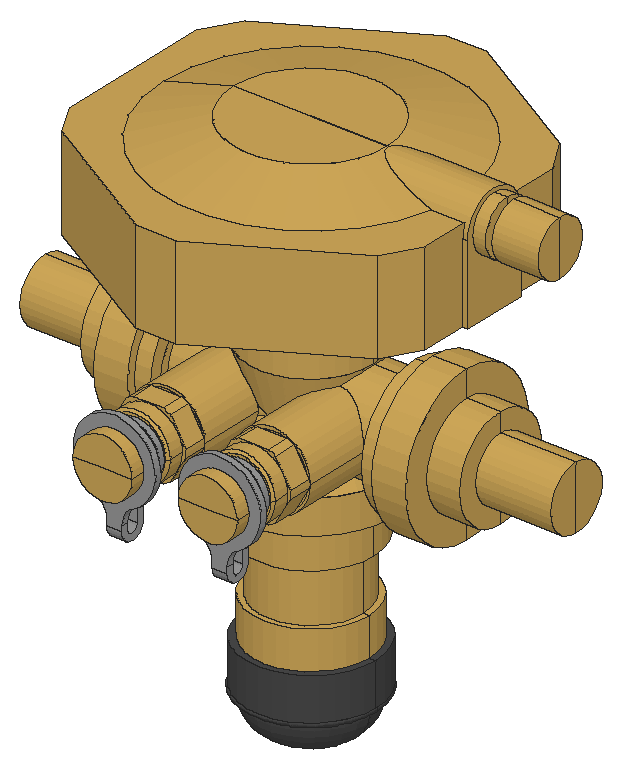
Revit family "Kombiventil 4001", category Rohrzubehör, Revit 2021
Family settings
  Bemaßung runder Anschluss = Durchmesser verwenden
  Teiletyp = Unterbricht
  OmniClass-Nummer = 23.65.55.14
  OmniClass-Titel = Valves for Liquid Services
  Arbeitsebenenbasiert = Nein
  Immer vertikal = Ja
  Beim Laden mit Abzugskörper schneiden = Nein
  Gemeinsam genutzt = Nein
Parameters
  Vorgabe-Ansicht = 0.000 mm
  Min. Betriebstemperatur (Frostschutz) = -20 °C  # constant formula
  Max. Betriebstemperatur bis DN32 = 130 °C  # constant formula
  Max. Betriebstemperatur ab DN40 = 110 °C  # constant formula
  Max. Betriebsdruck = 1600000.0 Pa  # constant formula
  kvs-Wert [instance] = if(Nennweite = 15.000 mm, 0.4, if(Nennweite = 20.000 mm, 0.9, if(Nennweite = 25.000 mm, 1.9, if(Nennweite = 32.000 mm, 2.5, if(Nennweite = 40.000 mm, 5, if(Nennweite = 50.000 mm, 5, 0))))))  # 0.4
  VRL04 = 8.000 mm  # constant formula
  VRL03 [instance] = L01 + 4.000 mm  # 12.000 mm
  VRL02 = 18.000 mm  # constant formula
  VRL01 [instance] = size_lookup("4001_", "VRL1", 30.000 mm, Nennweite)  # 30.000 mm
  URL = "www.herz-armaturen.at"
  SCRNSEQ = "ARM;ARM_TYP=\"DURR\";2"
  SCRNCODE = "05;04;02"  # constant formula
  S05 [instance] = VRL01  # 30.000 mm
  S04 [instance] = H08 + (S03 / 2)  # 45.750 mm
  S03 [instance] = H09 + 4.700 mm  # 26.500 mm
  S02 [instance] = VRD01 * 2  # 36.400 mm
  S01 = 10.000 mm  # constant formula
  R12 = 3.900 mm  # constant formula
  R11 = 6.500 mm  # constant formula
  R10 = 35.000 mm  # constant formula
  R09 = 18.250 mm  # constant formula
  R08 = 11.300 mm  # constant formula
  R07 [instance] = size_lookup("4001_", "R7", 17.300 mm, Nennweite)  # 17.300 mm
  R06 [instance] = size_lookup("4001_", "R6", 19.000 mm, Nennweite)  # 19.000 mm
  R05 = 15.000 mm  # constant formula
  R04 = 12.500 mm  # constant formula
  R02 [instance] = size_lookup("4001_", "R2", 15.000 mm, Nennweite)  # 15.000 mm
  R01 [instance] = size_lookup("4001_", "R1", 11.500 mm, Nennweite)  # 11.500 mm
  PN = 16  # constant formula
  Nennweite [instance] = 15.000 mm
  Min. Betriebstemperatur (reines Wasser) = 2 °C  # constant formula
  Membrane und O-Ringe = "EPDM"  # constant formula
  Medium = "Wasserbeschaffenheit nach ÖNORM H 5195 und VDI 2035\r\nDie Verwendung von Ethylen- und Propylenglykol ist im Mischungsverhältnis 25 - 50 Vol. [%] zulässig"
  L06 [instance] = L00 / 2  # 33.000 mm
  L05 = 11.000 mm  # constant formula
  L04 = 1.500 mm  # constant formula
  L03 = 3.200 mm  # constant formula
  L02 = 43.500 mm  # constant formula
  L01 [instance] = size_lookup("4001_", "L1", 8.000 mm, Nennweite)  # 8.000 mm
  L00 [instance] = size_lookup("4001_", "L", 66.000 mm, Nennweite)  # 66.000 mm
  Hersteller = "HERZ Armaturen Ges.m.b.H."  # constant formula
  H13 [instance] = H02 - H05 - H03 - H04 - 2.000 mm  # 17.700 mm
  H12 = 19.250 mm  # constant formula
  H11 [instance] = size_lookup("4001_", "H11", 59.000 mm, Nennweite)  # 59.000 mm
  H10 [instance] = H08 + H09  # 54.300 mm
  H09 = 21.800 mm  # constant formula
  H08 [instance] = H01 + H06 + H07  # 32.500 mm
  H07 = 4.000 mm  # constant formula
  H06 [instance] = size_lookup("4001_", "H6", 10.000 mm, Nennweite)  # 10.000 mm
  H05 = 9.000 mm  # constant formula
  H04 [instance] = size_lookup("4001_", "H4", 9.600 mm, Nennweite)  # 9.600 mm
  H03 [instance] = size_lookup("4001_", "H3", 13.000 mm, Nennweite)  # 13.000 mm
  H02 [instance] = size_lookup("4001_", "H2", 55.300 mm, Nennweite)  # 51.300 mm
  H01 [instance] = size_lookup("4001_", "H1", 18.500 mm, Nennweite)  # 18.500 mm
  Gehäuse = "entzinkunsbeständiges Messing"  # constant formula
  VRG03 [instance] = Nennweite / 2  # 7.500 mm
  G02 [instance] = size_lookup("4001_", "G2", 13.900 mm, Nennweite)  # 13.900 mm
  G01 [instance] = size_lookup("4001_", "G1", 13.200 mm, Nennweite)  # 13.200 mm
  DN50 [instance] = Nennweite = 50.000 mm  # no
  DN40 [instance] = Nennweite = 40.000 mm  # no
  DN32 [instance] = Nennweite = 32.000 mm  # no
  DN25 [instance] = Nennweite = 25.000 mm  # no
  DN20 [instance] = Nennweite = 20.000 mm  # no
  DN15 [instance] = Nennweite = 15.000 mm  # yes
  VRD03 [instance] = VRG03 + 4.500 mm  # 12.000 mm
  VRD02 [instance] = G01 + 3.000 mm  # 16.200 mm
  VRD01 [instance] = G01 + 5.000 mm  # 18.200 mm
  Bestellnummer Verschraubung [instance] = size_lookup("4001_", "Vrnr", 0, Nennweite)  # 1621011
  Bestellnummer [instance] = size_lookup("4001_", "Artnr", 0, Nennweite)  # 1400121
  Anwendungsgebiet = "Der Volumenstromregler wird in Heiz- und Kühlanlagen mit Umwälzpumpen eingesetzt. Der Regler begrenzt automatisch\r\nden Volumenstrom im nachstehendem Bereich auf den einmal eingestellten Wert indem alle Druckschwankungen\r\ngemessen und ausgeregelt werden. Somit sind keine Messungen erforderlich, und die Regelung ist bei\r\nallen Betriebsbedingungen effektiv. Der Volumenstromregler regelt den Volumenstrom gemäß der Voreinstellung\r\nauf einen konstanten Wert; die Membrane regelt aufgrund des Druckes unmittelbar nach dem Regeleinsatz (über\r\neine interne Steuerleitung), sowie des Druckes davor. Die Voreinstellung bezieht sich direkt auf den Volumenstrom;\r\nentsprechend kann die Maximal-Durchflußmenge bei der Montage direkt nach Diagramm eingestellt werden. Somit\r\nsind z.B. Heizungsstränge, Kühlwasserkreisläufe, Deckenstrahlplatten, Kühldecken und Lufterhitzer ohne Rücksicht\r\nauf die Druckverteilung in der Anlage ohne weiteres abgleichbar."
Reference planes
  plane 1 "Mitte (Vorne/hinten)": y = 0
  plane 2: z = 0
  plane 3 "Mitte (Links/rechts)": x = 0
Forms (mm)
  Revolve 1, solid, material "Messing, weicher Gelbton, geschweißt", detail levels fine
    sketch origin (0, 0, 0) x (1, 0, 0) y (0, 0, 1)
      loop
        line (-33, 0) -> (33, 0) -> (33, 13.2) -> (25, 13.2) -> (25, 11.5) -> (-25, 11.5) -> (-25, 13.2) -> (-33, 13.2) -> (-33, 0)
      axis (-33, 0) -> (33, 0)
    angle from 0 to 360
  Revolve 2, solid, material "Messing, weicher Gelbton, geschweißt", detail levels fine
    sketch origin (0, 0, 0) x (1, 0, 0) y (0, 0, 1)
      loop
        line (0, -51.3) -> (0, 18.5) -> (-15, 18.5) -> (-15, 11.5) -> (-11.5, 0) -> (-19, -11.5) -> (-19, -19.7) -> (-15, -19.7) -> (-15, -29.3) -> (-12.5, -29.3) -> (-12.5, -42.3) -> (-13.9, -42.3) -> (-13.9, -51.3) -> (0, -51.3)
      axis (0, 18.5) -> (0, -51.3)
    angle from 0 to 360
  Revolve 3, solid, material "Messing, weicher Gelbton, geschweißt", detail levels fine
    sketch origin (0, 0, 0) x (1, 0, 0) y (0, 0, 1)
      loop
        line (0, 18.5) -> (0, 32.5) -> (-11.3, 32.5) -> (-11.3, 28.5) -> (-17.3, 28.5) -> (-17.3, 18.5) -> (0, 18.5)
      axis (0, 32.5) -> (0, 18.5)
    angle from 0 to 360
  Extrusion 4, solid, material "Messing, weicher Gelbton, geschweißt", detail levels fine
    sketch origin (0, 0, 0) x (0, -1, 0) y (1, 0, 0)
      loop
        line (-46, -4.75) -> (-27.114, -37.462) -> (-18.886, -42.212) -> (18.886, -42.212) -> (27.114, -37.462) -> (46, -4.75) -> (46, 4.75) -> (27.114, 37.462) -> (18.886, 42.212) -> (-18.886, 42.212) -> (-27.114, 37.462) -> (-46, 4.75) -> (-46, -4.75)
    from 32.5 to 54.3
  Revolve 5, solid, material "Messing, weicher Gelbton, geschweißt", detail levels fine
    sketch origin (0, 0, 0) x (1, 0, 0) y (0, 0, 1)
      loop
        line (0, 54.3) -> (0, 59) -> (-18.25, 59) -> (-35, 54.3) -> (0, 54.3)
      axis (0, 59) -> (0, 54.3)
    angle from 0 to 360
  Extrusion 6, solid, material "Messing, weicher Gelbton, geschweißt", detail levels fine
    sketch origin (0, 0, 0) x (0, 1, 0) y (0, 0, 1)
      loop
        arc (7.85, 51.15) -> (0, 59) -> (-7.85, 51.15) r 7.85
        line (-7.85, 51.15) -> (-7.85, 32.5) -> (7.85, 32.5) -> (7.85, 51.15)
    from 0 to 43.5
  Revolve 7, solid, material "Messing, weicher Gelbton, geschweißt", detail levels fine
    sketch origin (0, 0, 0) x (1, 0, 0) y (0, 0, 1)
      loop
        line (43.5, 51.75) -> (59.2, 51.75) -> (59.2, 58.25) -> (48.2, 58.25) -> (48.2, 55.65) -> (46.7, 55.65) -> (46.7, 58.25) -> (43.5, 58.25) -> (43.5, 51.75)
      axis (43.5, 51.75) -> (59.2, 51.75)
    angle from 0 to 360
  Revolve 8, solid, material "Messing, weicher Gelbton, geschweißt", visible <- "DN15", detail levels fine
    sketch origin (0, 0, 0) x (1, 0, 0) y (0, 1, 0)
      loop
        line (12.5, 0) -> (12.5, -27) -> (21.6, -27) -> (21.6, 0) -> (12.5, 0)
      axis (12.5, 0) -> (12.5, -27)
    angle from 0 to 360
  Revolve 9, solid, material "Messing, weicher Gelbton, geschweißt", visible <- "DN20", detail levels fine
    sketch origin (-2, 0, 0) x (1, 0, 0) y (0, 1, 0)
      loop
        line (-12.5, 27) -> (-20.2, 27) -> (-20.2, 0) -> (-21.5, 0) -> (-21.5, -29) -> (-12.5, -29) -> (-12.5, 27)
      axis (-12.5, 27) -> (-12.5, -29)
    angle from 0 to 360
  Revolve 10, solid, material "Messing, weicher Gelbton, geschweißt", visible <- "DN20", detail levels fine
    sketch origin (2, 0, 0) x (1, 0, 0) y (0, 1, 0)
      loop
        line (12.5, 0) -> (12.5, -29) -> (21.6, -29) -> (21.6, 0) -> (12.5, 0)
      axis (12.5, 0) -> (12.5, -29)
    angle from 0 to 360
  Revolve 11, solid, material "Messing, weicher Gelbton, geschweißt", visible <- "DN20", detail levels fine
    sketch origin (-14.5, 3, 0) x (0, 1, 0) y (0, 0, 1)
      loop
        line (24, 0) -> (39.7, 0) -> (39.7, 6.5) -> (28.7, 6.5) -> (28.7, 3.9) -> (27.2, 3.9) -> (27.2, 6.5) -> (24, 6.5) -> (24, 0)
      axis (24, 0) -> (39.7, 0)
    angle from 0 to 360
  Revolve 12, solid, material "Messing, weicher Gelbton, geschweißt", visible <- "DN25", detail levels fine
    sketch origin (-2.1, 0, 0) x (1, 0, 0) y (0, 1, 0)
      loop
        line (-12.5, 27) -> (-20.2, 27) -> (-20.2, 0) -> (-21.5, 0) -> (-21.5, -29) -> (-12.5, -29) -> (-12.5, 27)
      axis (-12.5, 27) -> (-12.5, -29)
    angle from 0 to 360
  Revolve 13, solid, material "Messing, weicher Gelbton, geschweißt", visible <- "DN25", detail levels fine
    sketch origin (-14.6, 3, 0) x (0, 1, 0) y (0, 0, 1)
      loop
        line (24, 0) -> (39.7, 0) -> (39.7, 6.5) -> (28.7, 6.5) -> (28.7, 3.9) -> (27.2, 3.9) -> (27.2, 6.5) -> (24, 6.5) -> (24, 0)
      axis (24, 0) -> (39.7, 0)
    angle from 0 to 360
  Revolve 14, solid, material "Messing, weicher Gelbton, geschweißt", visible <- "DN25", detail levels fine
    sketch origin (2.1, 0, 0) x (1, 0, 0) y (0, 1, 0)
      loop
        line (12.5, 0) -> (12.5, -29) -> (21.6, -29) -> (21.6, 0) -> (12.5, 0)
      axis (12.5, 0) -> (12.5, -29)
    angle from 0 to 360
  Revolve 15, solid, material "Messing, weicher Gelbton, geschweißt", visible <- "DN32", detail levels fine
    sketch origin (0, 0, 0.637) x (1, 0, 0) y (0, 0, 1)
      loop
        line (-31.5, -0.637) -> (-40.5, -0.637) -> (-40.5, -43.437) -> (-31.5, -43.437) -> (-31.5, -0.637)
      axis (-31.5, -43.437) -> (-31.5, -0.637)
    angle from 0 to 360
  Revolve 16, solid, material "Messing, weicher Gelbton, geschweißt", visible <- "DN32", detail levels fine
    sketch origin (0, 0, 0.637) x (-1, 0, 0) y (0, 0, 1)
      loop
        line (-31.5, -0.637) -> (-40.5, -0.637) -> (-40.5, -43.437) -> (-31.5, -43.437) -> (-31.5, -0.637)
      axis (-31.5, -43.437) -> (-31.5, -0.637)
    angle from 0 to 360
  Revolve 17, solid, material "Messing, weicher Gelbton, geschweißt", visible <- "DN40", detail levels fine
    sketch origin (0, 0, 0) x (1, 0, 0) y (0, 0, 1)
      loop
        line (-37, 0) -> (-46, 0) -> (-46, -54.2) -> (-37, -54.2) -> (-37, 0)
      axis (-37, 0) -> (-37, -54.2)
    angle from 0 to 360
  Revolve 18, solid, material "Messing, weicher Gelbton, geschweißt", visible <- "DN40", detail levels fine
    sketch origin (0, 0, 0) x (-1, 0, 0) y (0, 0, 1)
      loop
        line (-37, 0) -> (-46, 0) -> (-46, -54.2) -> (-37, -54.2) -> (-37, 0)
      axis (-37, 0) -> (-37, -54.2)
    angle from 0 to 360
  Revolve 19, solid, material "Messing, weicher Gelbton, geschweißt", visible <- "DN50", detail levels fine
    sketch origin (-0.1, 0, 0) x (1, 0, 0) y (0, 0, 1)
      loop
        line (-37, 0) -> (-46, 0) -> (-46, -54.2) -> (-37, -54.2) -> (-37, 0)
      axis (-37, 0) -> (-37, -54.2)
    angle from 0 to 360
  Revolve 20, solid, material "Messing, weicher Gelbton, geschweißt", visible <- "DN50", detail levels fine
    sketch origin (0.1, 0, 0) x (-1, 0, 0) y (0, 0, 1)
      loop
        line (-37, 0) -> (-46, 0) -> (-46, -54.2) -> (-37, -54.2) -> (-37, 0)
      axis (-37, 0) -> (-37, -54.2)
    angle from 0 to 360
  Revolve 21, solid, material "Messing, weicher Gelbton, geschweißt", detail levels fine
    sketch origin (-97.028, 0, 0) x (1, 0, 0) y (0, 0, 1)
      loop
        line (130.028, 0) -> (160.028, 0) -> (160.028, 7.5) -> (142.028, 7.5) -> (142.028, 12) -> (134.028, 12) -> (134.028, 18.2) -> (126.028, 18.2) -> (126.028, 16.2) -> (122.028, 16.2) -> (122.028, 13.2) -> (130.028, 13.2) -> (130.028, 0)
      axis (122.028, 0) -> (160.028, 0)
    angle from 0 to 360
  Revolve 22, solid, material "Messing, weicher Gelbton, geschweißt", detail levels fine
    sketch origin (97.028, 0, 0) x (-1, 0, 0) y (0, 0, 1)
      loop
        line (130.028, 0) -> (160.028, 0) -> (160.028, 7.5) -> (142.028, 7.5) -> (142.028, 12) -> (134.028, 12) -> (134.028, 18.2) -> (126.028, 18.2) -> (126.028, 16.2) -> (122.028, 16.2) -> (122.028, 13.2) -> (130.028, 13.2) -> (130.028, 0)
      axis (122.028, 0) -> (160.028, 0)
    angle from 0 to 360
  Revolve 23, solid, material "Messing, weicher Gelbton, geschweißt", visible <- "DN15", detail levels fine
    sketch origin (-25, 0, 0) x (-1, 0, 0) y (0, -1, 0)
      loop
        line (-12.5, -24) -> (-12.5, 27) -> (-21.5, 27) -> (-21.5, 0) -> (-20.2, 0) -> (-20.2, -24) -> (-12.5, -24)
      axis (-12.5, -24) -> (-12.5, 27)
    angle from 0 to 360
  Revolve 24, solid, material "Messing, weicher Gelbton, geschweißt", visible <- "DN15", detail levels fine
    sketch origin (-12.5, 0, 0) x (0, -1, 0) y (0, 0, 1)
      loop
        line (-24, 0) -> (-24, 6.5) -> (-27.2, 6.5) -> (-27.2, 3.9) -> (-28.7, 3.9) -> (-28.7, 6.5) -> (-39.7, 6.5) -> (-39.7, 0) -> (-24, 0)
      axis (-24, 0) -> (-39.7, 0)
    angle from 0 to 360
  Revolve 25, solid, material "Messing, weicher Gelbton, geschweißt", visible <- "DN32", detail levels fine
    sketch origin (-9.5, 0, 0) x (1, 0, 0) y (0, 1, 0)
      loop
        line (-12.5, -31) -> (-12.5, 0) -> (-20.2, 0) -> (-20.2, -31) -> (-12.5, -31)
      axis (-12.5, 0) -> (-12.5, -31)
    angle from 0 to 360
  Revolve 26, solid, material "Messing, weicher Gelbton, geschweißt", visible <- "DN32", detail levels fine
    sketch origin (-22, -7, 0) x (0, -1, 0) y (0, 0, -1)
      loop
        line (24, 0) -> (24, -6.5) -> (27.2, -6.5) -> (27.2, -3.9) -> (28.7, -3.9) -> (28.7, -6.5) -> (39.7, -6.5) -> (39.7, 0) -> (24, 0)
      axis (24, 0) -> (39.7, 0)
    angle from 0 to 360
  Revolve 27, solid, material "Messing, weicher Gelbton, geschweißt", visible <- "DN40", detail levels fine
    sketch origin (-17.5, 0, 0) x (1, 0, 0) y (0, 1, 0)
      loop
        line (-12.5, -39.5) -> (-12.5, 0) -> (-20.2, 0) -> (-20.2, -39.5) -> (-12.5, -39.5)
      axis (-12.5, 0) -> (-12.5, -39.5)
    angle from 0 to 360
  Revolve 28, solid, material "Messing, weicher Gelbton, geschweißt", visible <- "DN40", detail levels fine
    sketch origin (-30, -15.5, 0) x (0, -1, 0) y (0, 0, -1)
      loop
        line (24, 0) -> (24, -6.5) -> (27.2, -6.5) -> (27.2, -3.9) -> (28.7, -3.9) -> (28.7, -6.5) -> (39.7, -6.5) -> (39.7, 0) -> (24, 0)
      axis (24, 0) -> (39.7, 0)
    angle from 0 to 360
  Revolve 29, solid, material "Messing, weicher Gelbton, geschweißt", visible <- "DN50", detail levels fine
    sketch origin (-17.6, 0, 0) x (1, 0, 0) y (0, 1, 0)
      loop
        line (-12.5, -39.5) -> (-12.5, 0) -> (-20.2, 0) -> (-20.2, -39.5) -> (-12.5, -39.5)
      axis (-12.5, 0) -> (-12.5, -39.5)
    angle from 0 to 360
  Revolve 30, solid, material "Messing, weicher Gelbton, geschweißt", visible <- "DN50", detail levels fine
    sketch origin (-30.1, -15.5, 0) x (0, -1, 0) y (0, 0, -1)
      loop
        line (24, 0) -> (24, -6.5) -> (27.2, -6.5) -> (27.2, -3.9) -> (28.7, -3.9) -> (28.7, -6.5) -> (39.7, -6.5) -> (39.7, 0) -> (24, 0)
      axis (24, 0) -> (39.7, 0)
    angle from 0 to 360
Lines and regions (mm)
  model lines, detail levels coarse+medium
    curve 1: line (33, -18.2, 0) -> (33, 18.2, 0)
    curve 2: line (33, 18.2, 0) -> (-33, -18.2, 0)
    curve 3: line (-33, -18.2, 0) -> (-33, 18.2, 0)
    curve 4: line (-33, 18.2, 0) -> (33, -18.2, 0)
    curve 5: line (0, -18.5, 0) -> (0, -32.5, 0)
    curve 6: spline (-43.5, -45.75, 0) -> (-42.018, -42.321, 0) -> (-37.672, -39.125, 0) -> (-30.759, -36.381, 0) -> (-21.75, -34.275, 0) -> (-11.259, -32.951, 0) -> (0, -32.5, 0) -> (11.259, -32.951, 0) -> (21.75, -34.275, 0) -> (30.759, -36.381, 0) -> (37.672, -39.125, 0) -> (42.018, -42.321, 0) -> (43.5, -45.75, 0) -> (42.018, -49.179, 0) -> (37.672, -52.375, 0) -> (30.759, -55.119, 0) -> (21.75, -57.225, 0) -> (11.259, -58.549, 0) -> (0, -59, 0) -> (-11.259, -58.549, 0) -> (-21.75, -57.225, 0) -> (-30.759, -55.119, 0) -> (-37.672, -52.375, 0) -> (-42.018, -49.179, 0) -> (-43.5, -45.75, 0)
    curve 7: line (-33, 0, 18.2) -> (-33, 0, -18.2)
    curve 8: line (-33, 0, -18.2) -> (33, 0, 18.2)
    curve 9: line (33, 0, 18.2) -> (33, 0, -18.2)
    curve 10: line (33, 0, -18.2) -> (-33, 0, 18.2)
    curve 11: line (0, 0, 18.5) -> (0, 0, 32.5)
    curve 12: spline (-43.5, 0, 45.75) -> (-42.018, 0, 49.179) -> (-37.672, 0, 52.375) -> (-30.759, 0, 55.119) -> (-21.75, 0, 57.225) -> (-11.259, 0, 58.549) -> (0, 0, 59) -> (11.259, 0, 58.549) -> (21.75, 0, 57.225) -> (30.759, 0, 55.119) -> (37.672, 0, 52.375) -> (42.018, 0, 49.179) -> (43.5, 0, 45.75) -> (42.018, 0, 42.321) -> (37.672, 0, 39.125) -> (30.759, 0, 36.381) -> (21.75, 0, 34.275) -> (11.259, 0, 32.951) -> (0, 0, 32.5) -> (-11.259, 0, 32.951) -> (-21.75, 0, 34.275) -> (-30.759, 0, 36.381) -> (-37.672, 0, 39.125) -> (-42.018, 0, 42.321) -> (-43.5, 0, 45.75)
    curve 13: line (0, 0, 18.5) -> (16.5, 0, 9.1)
    curve 14: line (0, 0, 18.5) -> (-16.5, 0, 9.1)
    curve 15: line (33, 0, 18.2) -> (43, 0, 18.2)
    curve 16: line (43, 0, 18.2) -> (33, 0, 0)
    curve 17: line (33, 0, -18.2) -> (43, 0, -18.2)
    curve 18: line (43, 0, -18.2) -> (33, 0, 0)
    curve 19: line (33, 0, 0) -> (63, 0, 0)
    curve 20: line (-33, 0, 18.2) -> (-43, 0, 18.2)
    curve 21: line (-43, 0, 18.2) -> (-33, 0, 0)
    curve 22: line (-33, 0, -18.2) -> (-43, 0, -18.2)
    curve 23: line (-43, 0, -18.2) -> (-33, 0, 0)
    curve 24: line (-33, 0, 0) -> (-63, 0, 0)
    curve 25: line (0, -18.5, 0) -> (-16.5, -9.1, 0)
    curve 26: line (0, -18.5, 0) -> (16.5, -9.1, 0)
    curve 27: line (33, 18.2, 0) -> (43, 18.2, 0)
    curve 28: line (43, 18.2, 0) -> (33, 0, 0)
    curve 29: line (33, -18.2, 0) -> (43, -18.2, 0)
    curve 30: line (43, -18.2, 0) -> (33, 0, 0)
    curve 31: line (-33, 18.2, 0) -> (-43, 18.2, 0)
    curve 32: line (-43, 18.2, 0) -> (-33, 0, 0)
    curve 33: line (-33, -18.2, 0) -> (-43, -18.2, 0)
    curve 34: line (-43, -18.2, 0) -> (-33, 0, 0)
Dimensions and locks
  equal spacing: Revolve 1 sketch curve, plane 3 "Mitte (Links/rechts)", Revolve 1 sketch curve
  "L00": Revolve 1 sketch curve to Revolve 1 sketch curve
  "G01": Revolve 1 sketch curve to Revolve 1 sketch curve  (x2)
  "R01": Revolve 1 sketch curve to Revolve 1 sketch curve
  "L01": Revolve 1 sketch curve to Revolve 1 sketch curve  (x2)
  "H01": Revolve 2 sketch curve to plane 2
  "R01": Revolve 2 sketch curve to plane 2
  "R02": Revolve 2 sketch curve to Revolve 2 sketch curve
  "R01": Revolve 2 sketch curve to Revolve 2 sketch curve
  "H02": plane 2 to Revolve 2 sketch curve
  "G02": plane 3 "Mitte (Links/rechts)" to Revolve 2 sketch curve
  "H05": Revolve 2 sketch curve to Revolve 2 sketch curve
  "R04": Revolve 2 sketch curve to Revolve 2 sketch curve
  "R05": Revolve 2 sketch curve to Revolve 2 sketch curve
  "R06": Revolve 2 sketch curve to Revolve 2 sketch curve
  "R01": plane 2 to Revolve 2 sketch curve
  "H03": Revolve 2 sketch curve to Revolve 2 sketch curve
  "H04": Revolve 2 sketch curve to Revolve 2 sketch curve
  "H01": Revolve 3 sketch curve to plane 2
  "H06": Revolve 3 sketch curve to Revolve 3 sketch curve
  "R07": Revolve 3 sketch curve to Revolve 3 sketch curve
  "H07": Revolve 3 sketch curve to Revolve 3 sketch curve
  "R08": Revolve 3 sketch curve to Revolve 3 sketch curve
  "H08": Extrusion 4 to plane 2
  "H09": Extrusion 4 to Extrusion 4
  "H10": Revolve 5 sketch curve to plane 2
  "H11": Revolve 5 sketch curve to plane 2
  "R09": Revolve 5 sketch curve to Revolve 5 sketch curve
  "R10": Revolve 5 sketch curve to Revolve 5 sketch curve
  "L02": Extrusion 6 to plane 3 "Mitte (Links/rechts)"
  "H08": Extrusion 6 to plane 2
  "H12": Revolve 7 sketch curve to Extrusion 4
  "R11": Revolve 7 sketch curve to Revolve 7 sketch curve  (x2)
  "L03": Revolve 7 sketch curve to Revolve 7 sketch curve
  "L04": Revolve 7 sketch curve to Revolve 7 sketch curve
  "L05": Revolve 7 sketch curve to Revolve 7 sketch curve
  "R12": Revolve 7 sketch curve to Revolve 7 sketch curve
  "R06": plane 1 "Mitte (Vorne/hinten)" to nested 1
  Revolve 9 sketch curve to plane 1 "Mitte (Vorne/hinten)" = 29.000 mm
  plane 1 "Mitte (Vorne/hinten)" to Revolve 9 sketch curve = 27.000 mm
  Revolve 10 sketch curve to plane 1 "Mitte (Vorne/hinten)" = 29.000 mm
  "R11": Revolve 11 sketch curve to Revolve 11 sketch curve  (x2)
  "L03": Revolve 11 sketch curve to Revolve 11 sketch curve
  "L04": Revolve 11 sketch curve to Revolve 11 sketch curve
  "L05": Revolve 11 sketch curve to Revolve 11 sketch curve
  "R12": Revolve 11 sketch curve to Revolve 11 sketch curve
  "H13": plane 2 to nested 1
  "R11": Revolve 13 sketch curve to Revolve 13 sketch curve  (x2)
  "L03": Revolve 13 sketch curve to Revolve 13 sketch curve
  "L04": Revolve 13 sketch curve to Revolve 13 sketch curve
  "L05": Revolve 13 sketch curve to Revolve 13 sketch curve
  "R12": Revolve 13 sketch curve to Revolve 13 sketch curve
  plane 3 "Mitte (Links/rechts)" to Revolve 15 sketch curve = 31.500 mm
  Revolve 15 sketch curve to Revolve 15 sketch curve = 9.000 mm
  plane 2 to Revolve 15 sketch curve = 42.800 mm
  Revolve 16 sketch curve to Revolve 16 sketch curve = 9.000 mm
  "VRL01": Revolve 21 sketch curve to Revolve 21 sketch curve
  "L01": Revolve 21 sketch curve to Revolve 21 sketch curve
  "G01": Revolve 21 sketch curve to plane 2
  "VRD02": Revolve 21 sketch curve to plane 2
  "VRD01": Revolve 21 sketch curve to plane 2
  "VRG03": Revolve 21 sketch curve to Revolve 21 sketch curve
  "VRL02": Revolve 21 sketch curve to Revolve 21 sketch curve
  "VRD03": Revolve 21 sketch curve to Revolve 21 sketch curve
  "VRL03": Revolve 21 sketch curve to Revolve 21 sketch curve
  "VRL04": Revolve 21 sketch curve to Revolve 21 sketch curve
  "L06": plane 3 "Mitte (Links/rechts)" to Revolve 21 sketch curve
  "VRL01": Revolve 22 sketch curve to Revolve 22 sketch curve
  "L01": Revolve 22 sketch curve to Revolve 22 sketch curve
  "VRG03": Revolve 22 sketch curve to Revolve 22 sketch curve
  "VRL02": Revolve 22 sketch curve to Revolve 22 sketch curve
  "VRD03": Revolve 22 sketch curve to Revolve 22 sketch curve
  "VRL03": Revolve 22 sketch curve to Revolve 22 sketch curve
  "VRL04": Revolve 22 sketch curve to Revolve 22 sketch curve
  "L06": Revolve 22 sketch curve to plane 3 "Mitte (Links/rechts)"
  "H02": plane 2 to nested 2
  equal spacing: curve 3, plane 3 "Mitte (Links/rechts)", curve 1
  "L00": curve 3 to curve 1
  "S02": curve 4 to curve 3
  equal spacing: curve 3, plane 1 "Mitte (Vorne/hinten)", curve 4
  "VRD01": Revolve 22 sketch curve to plane 2
  "VRD02": Revolve 22 sketch curve to plane 2
  equal spacing: curve 4, plane 1 "Mitte (Vorne/hinten)", curve 2
  "S02": curve 2 to curve 4
  "S03": curve 6 to curve 6
  "L02": curve 6 to plane 3 "Mitte (Links/rechts)"
  "L02": plane 3 "Mitte (Links/rechts)" to curve 6
  "S04": curve 6 to plane 1 "Mitte (Vorne/hinten)"
  "H08": curve 5 to plane 1 "Mitte (Vorne/hinten)"
  "S02": curve 10 to curve 8
  equal spacing: curve 10, plane 2, curve 8
  "S02": curve 9 to curve 10
  equal spacing: curve 9, plane 2, curve 10
  "L00": curve 7 to curve 9
  equal spacing: curve 7, plane 3 "Mitte (Links/rechts)", curve 9
  "H08": curve 11 to plane 2
  "S03": curve 12 to curve 12
  "L02": curve 12 to plane 3 "Mitte (Links/rechts)"
  "L02": plane 3 "Mitte (Links/rechts)" to curve 12
  "S04": curve 12 to plane 2
  equal spacing: plane 3 "Mitte (Links/rechts)", curve 14, curve 7
  equal spacing: curve 9, curve 13, plane 3 "Mitte (Links/rechts)"
  "H01": curve 14 to plane 2
  "S01": curve 9 to curve 16
  "S01": curve 9 to curve 18
  "S05": curve 19 to curve 19
  "S05": curve 24 to curve 24
  "S01": curve 21 to curve 7
  "S01": curve 23 to curve 7
  equal spacing: curve 3, curve 25, plane 3 "Mitte (Links/rechts)"
  equal spacing: plane 3 "Mitte (Links/rechts)", curve 26, curve 1
  "H01": curve 26 to plane 1 "Mitte (Vorne/hinten)"
  "S01": curve 1 to curve 28
  "S01": curve 1 to curve 30
  "S01": curve 32 to curve 3
  "S01": curve 34 to curve 3
  "R11": Revolve 24 sketch curve to Revolve 24 sketch curve  (x2)
  "L03": Revolve 24 sketch curve to Revolve 24 sketch curve
  "L04": Revolve 24 sketch curve to Revolve 24 sketch curve
  "L05": Revolve 24 sketch curve to Revolve 24 sketch curve
  "R12": Revolve 24 sketch curve to Revolve 24 sketch curve
  "R11": Revolve 26 sketch curve to Revolve 26 sketch curve  (x2)
  "L03": Revolve 26 sketch curve to Revolve 26 sketch curve
  "L04": Revolve 26 sketch curve to Revolve 26 sketch curve
  "L05": Revolve 26 sketch curve to Revolve 26 sketch curve
  "R12": Revolve 26 sketch curve to Revolve 26 sketch curve
  Revolve 25 sketch curve to Revolve 25 sketch curve = 31.000 mm
  "R11": Revolve 28 sketch curve to Revolve 28 sketch curve  (x2)
  "L03": Revolve 28 sketch curve to Revolve 28 sketch curve
  "L04": Revolve 28 sketch curve to Revolve 28 sketch curve
  "L05": Revolve 28 sketch curve to Revolve 28 sketch curve
  "R12": Revolve 28 sketch curve to Revolve 28 sketch curve
  Revolve 27 sketch curve to Revolve 27 sketch curve = 39.500 mm
  "R11": Revolve 30 sketch curve to Revolve 30 sketch curve  (x2)
  "L03": Revolve 30 sketch curve to Revolve 30 sketch curve
  "L04": Revolve 30 sketch curve to Revolve 30 sketch curve
  "L05": Revolve 30 sketch curve to Revolve 30 sketch curve
  "R12": Revolve 30 sketch curve to Revolve 30 sketch curve
  Revolve 29 sketch curve to Revolve 29 sketch curve = 39.500 mm
  aligned and locked: level to plane 2
Automatic sketch dimensions
  plane 3 "Mitte (Links/rechts)" to Extrusion 4 sketch curve = 4.750 mm  (x2)
  Extrusion 4 sketch curve to plane 1 "Mitte (Vorne/hinten)" = 46.000 mm
  Extrusion 4 sketch curve to plane 1 "Mitte (Vorne/hinten)" = 27.114 mm  (x2)
  Extrusion 4 sketch curve to Extrusion 4 sketch curve = 8.227 mm  (x4)
  plane 1 "Mitte (Vorne/hinten)" to Extrusion 4 sketch curve = 18.886 mm  (x2)
  Extrusion 4 sketch curve to Extrusion 4 sketch curve = 18.886 mm
  Extrusion 4 sketch curve to plane 3 "Mitte (Links/rechts)" = 4.750 mm  (x2)
  Extrusion 4 sketch curve to plane 3 "Mitte (Links/rechts)" = 37.462 mm  (x2)
  Extrusion 4 sketch curve to Extrusion 4 sketch curve = 4.750 mm  (x2)
  plane 3 "Mitte (Links/rechts)" to Extrusion 4 sketch curve = 37.462 mm  (x2)
  Extrusion 6 sketch curve to plane 1 "Mitte (Vorne/hinten)" = 0.000 mm
  plane 1 "Mitte (Vorne/hinten)" to Extrusion 6 sketch curve = 7.850 mm
  level to Extrusion 6 sketch curve = 32.500 mm
  Extrusion 6 sketch curve to Extrusion 6 sketch curve = 18.650 mm
  Extrusion 6 sketch curve to Extrusion 6 sketch curve = 0.000 mm
  plane 1 "Mitte (Vorne/hinten)" to Revolve 8 sketch curve = 0.000 mm  (x2)
  plane 3 "Mitte (Links/rechts)" to Revolve 8 sketch curve = 12.500 mm
  Revolve 8 sketch curve to Revolve 8 sketch curve = 9.100 mm
  plane 1 "Mitte (Vorne/hinten)" to Revolve 8 sketch curve = 27.000 mm
  Revolve 8 sketch curve to Revolve 8 sketch curve = 0.000 mm  (x2)
  plane 1 "Mitte (Vorne/hinten)" to Revolve 9 sketch curve = 0.000 mm
  Revolve 9 sketch curve to plane 3 "Mitte (Links/rechts)" = 23.500 mm
  Revolve 9 sketch curve to plane 3 "Mitte (Links/rechts)" = 22.200 mm
  Revolve 9 sketch curve to Revolve 9 sketch curve = 7.700 mm
  Revolve 9 sketch curve to Revolve 9 sketch curve = 0.000 mm
  Revolve 9 sketch curve to Revolve 9 sketch curve = 2.000 mm
  Revolve 9 sketch curve to Revolve 9 sketch curve = 3.000 mm
  plane 1 "Mitte (Vorne/hinten)" to Revolve 10 sketch curve = 0.000 mm  (x2)
  plane 3 "Mitte (Links/rechts)" to Revolve 10 sketch curve = 14.500 mm
  Revolve 10 sketch curve to Revolve 10 sketch curve = 9.100 mm
  Revolve 10 sketch curve to Revolve 10 sketch curve = 0.000 mm
  Revolve 10 sketch curve to Revolve 10 sketch curve = 2.000 mm
  plane 1 "Mitte (Vorne/hinten)" to Revolve 12 sketch curve = 0.000 mm
  Revolve 12 sketch curve to plane 3 "Mitte (Links/rechts)" = 23.600 mm
  Revolve 12 sketch curve to plane 3 "Mitte (Links/rechts)" = 22.300 mm
  Revolve 12 sketch curve to Revolve 12 sketch curve = 7.700 mm
  plane 1 "Mitte (Vorne/hinten)" to Revolve 12 sketch curve = 29.000 mm
  Revolve 12 sketch curve to Revolve 12 sketch curve = 27.000 mm
  Revolve 12 sketch curve to Revolve 12 sketch curve = 0.000 mm
  Revolve 12 sketch curve to Revolve 12 sketch curve = 2.000 mm
  Revolve 12 sketch curve to Revolve 12 sketch curve = 3.000 mm
  plane 1 "Mitte (Vorne/hinten)" to Revolve 14 sketch curve = 0.000 mm  (x2)
  plane 3 "Mitte (Links/rechts)" to Revolve 14 sketch curve = 14.600 mm
  Revolve 14 sketch curve to Revolve 14 sketch curve = 9.100 mm
  Revolve 14 sketch curve to Revolve 14 sketch curve = 29.000 mm
  Revolve 14 sketch curve to Revolve 14 sketch curve = 0.000 mm
  Revolve 14 sketch curve to Revolve 14 sketch curve = 2.000 mm
  Revolve 15 sketch curve to level = 0.000 mm
  Revolve 15 sketch curve to Revolve 15 sketch curve = 0.000 mm
  Revolve 15 sketch curve to Revolve 15 sketch curve = 4.238 mm
  level to Revolve 15 sketch curve = 0.637 mm
  Revolve 16 sketch curve to level = 0.000 mm
  Revolve 16 sketch curve to plane 3 "Mitte (Links/rechts)" = 40.500 mm
  level to Revolve 16 sketch curve = 42.800 mm
  Revolve 16 sketch curve to Revolve 16 sketch curve = 0.000 mm
  Revolve 16 sketch curve to Revolve 16 sketch curve = 4.238 mm
  Revolve 16 sketch curve to level = 0.637 mm
  Revolve 17 sketch curve to level = 0.000 mm  (x2)
  Revolve 17 sketch curve to plane 3 "Mitte (Links/rechts)" = 46.000 mm
  Revolve 17 sketch curve to Revolve 17 sketch curve = 9.000 mm
  Revolve 17 sketch curve to level = 54.200 mm
  Revolve 17 sketch curve to Revolve 17 sketch curve = 0.000 mm  (x2)
  Revolve 18 sketch curve to level = 0.000 mm  (x2)
  Revolve 18 sketch curve to plane 3 "Mitte (Links/rechts)" = 46.000 mm
  Revolve 18 sketch curve to Revolve 18 sketch curve = 9.000 mm
  level to Revolve 18 sketch curve = 54.200 mm
  Revolve 18 sketch curve to Revolve 18 sketch curve = 0.000 mm  (x2)
  Revolve 19 sketch curve to level = 0.000 mm  (x2)
  Revolve 19 sketch curve to plane 3 "Mitte (Links/rechts)" = 46.100 mm
  Revolve 19 sketch curve to Revolve 19 sketch curve = 9.000 mm
  Revolve 19 sketch curve to Revolve 19 sketch curve = 54.200 mm
  Revolve 19 sketch curve to Revolve 19 sketch curve = 0.000 mm  (x2)
  Revolve 20 sketch curve to level = 0.000 mm  (x2)
  Revolve 20 sketch curve to plane 3 "Mitte (Links/rechts)" = 46.100 mm
  Revolve 20 sketch curve to Revolve 20 sketch curve = 9.000 mm
  Revolve 20 sketch curve to Revolve 20 sketch curve = 54.200 mm
  Revolve 20 sketch curve to Revolve 20 sketch curve = 0.000 mm  (x2)
  plane 1 "Mitte (Vorne/hinten)" to Revolve 23 sketch curve = 0.000 mm
  Revolve 23 sketch curve to plane 3 "Mitte (Links/rechts)" = 3.500 mm
  Revolve 23 sketch curve to plane 3 "Mitte (Links/rechts)" = 4.800 mm
  Revolve 23 sketch curve to Revolve 23 sketch curve = 7.700 mm
  Revolve 23 sketch curve to plane 1 "Mitte (Vorne/hinten)" = 24.000 mm
  plane 1 "Mitte (Vorne/hinten)" to Revolve 23 sketch curve = 27.000 mm
  Revolve 23 sketch curve to Revolve 23 sketch curve = 0.000 mm  (x3)
  plane 1 "Mitte (Vorne/hinten)" to Revolve 25 sketch curve = 0.000 mm  (x2)
  Revolve 25 sketch curve to plane 3 "Mitte (Links/rechts)" = 29.700 mm
  Revolve 25 sketch curve to Revolve 25 sketch curve = 7.700 mm
  Revolve 25 sketch curve to Revolve 25 sketch curve = 0.000 mm
  Revolve 25 sketch curve to Revolve 25 sketch curve = 7.000 mm
  plane 1 "Mitte (Vorne/hinten)" to Revolve 27 sketch curve = 0.000 mm  (x2)
  Revolve 27 sketch curve to plane 3 "Mitte (Links/rechts)" = 37.700 mm
  Revolve 27 sketch curve to Revolve 27 sketch curve = 7.700 mm
  Revolve 27 sketch curve to Revolve 27 sketch curve = 0.000 mm
  Revolve 27 sketch curve to Revolve 27 sketch curve = 15.500 mm
  plane 1 "Mitte (Vorne/hinten)" to Revolve 29 sketch curve = 0.000 mm  (x2)
  Revolve 29 sketch curve to plane 3 "Mitte (Links/rechts)" = 37.800 mm
  Revolve 29 sketch curve to Revolve 29 sketch curve = 7.700 mm
  Revolve 29 sketch curve to Revolve 29 sketch curve = 0.000 mm
  Revolve 29 sketch curve to Revolve 29 sketch curve = 15.500 mm
  curve 11 to plane 3 "Mitte (Links/rechts)" = 0.000 mm
  curve 18 to level = 0.000 mm
  curve 21 to level = 0.000 mm
  curve 26 to plane 3 "Mitte (Links/rechts)" = 0.000 mm
  plane 1 "Mitte (Vorne/hinten)" to curve 28 = 0.000 mm
  plane 1 "Mitte (Vorne/hinten)" to curve 32 = 0.000 mm
  plane 1 "Mitte (Vorne/hinten)" to curve 30 = 0.000 mm
  plane 1 "Mitte (Vorne/hinten)" to curve 34 = 0.000 mm
  Revolve 1 sketch curve to level = 0.000 mm  (x2)
  Revolve 1 sketch curve to Revolve 1 sketch curve = 1473.530 mm
  Revolve 1 sketch curve to Revolve 1 sketch curve = 1806.148 mm
  Revolve 2 sketch curve to level = 0.000 mm
  Revolve 2 sketch curve to plane 3 "Mitte (Links/rechts)" = 0.000 mm  (x2)
  Revolve 2 sketch curve to Revolve 2 sketch curve = 310.745 mm
  Revolve 2 sketch curve to Revolve 2 sketch curve = 2195.815 mm
  Revolve 3 sketch curve to plane 3 "Mitte (Links/rechts)" = 0.000 mm  (x2)
  Revolve 3 sketch curve to level = 366.045 mm
  Revolve 3 sketch curve to Revolve 3 sketch curve = 2178.815 mm
  Revolve 5 sketch curve to plane 3 "Mitte (Links/rechts)" = 0.000 mm  (x2)
  Revolve 5 sketch curve to level = 366.045 mm
  Revolve 5 sketch curve to Revolve 5 sketch curve = 2155.315 mm
  plane 3 "Mitte (Links/rechts)" to Revolve 7 sketch curve = 43.500 mm
  Revolve 7 sketch curve to Revolve 7 sketch curve = 0.000 mm  (x3)
  Revolve 11 sketch curve to level = 0.000 mm  (x2)
  Revolve 11 sketch curve to plane 1 "Mitte (Vorne/hinten)" = 27.000 mm
  Revolve 11 sketch curve to Revolve 11 sketch curve = 0.000 mm  (x2)
  Revolve 13 sketch curve to level = 0.000 mm  (x2)
  Revolve 13 sketch curve to plane 1 "Mitte (Vorne/hinten)" = 27.000 mm
  Revolve 13 sketch curve to Revolve 13 sketch curve = 0.000 mm  (x2)
  Revolve 21 sketch curve to level = 0.000 mm  (x2)
  Revolve 21 sketch curve to plane 3 "Mitte (Links/rechts)" = 1603.558 mm
  Revolve 21 sketch curve to Revolve 21 sketch curve = 1682.120 mm
  Revolve 22 sketch curve to level = 0.000 mm  (x2)
  Revolve 22 sketch curve to Revolve 22 sketch curve = 3.000 mm
  Revolve 22 sketch curve to plane 3 "Mitte (Links/rechts)" = 1603.558 mm
  Revolve 22 sketch curve to Revolve 22 sketch curve = 1682.120 mm
  Revolve 24 sketch curve to level = 0.000 mm  (x2)
  Revolve 24 sketch curve to plane 1 "Mitte (Vorne/hinten)" = 39.700 mm
  Revolve 24 sketch curve to Revolve 24 sketch curve = 0.000 mm  (x2)
  Revolve 26 sketch curve to level = 0.000 mm  (x2)
  plane 1 "Mitte (Vorne/hinten)" to Revolve 26 sketch curve = 31.000 mm
  Revolve 26 sketch curve to Revolve 26 sketch curve = 0.000 mm  (x2)
  Revolve 28 sketch curve to level = 0.000 mm  (x2)
  plane 1 "Mitte (Vorne/hinten)" to Revolve 28 sketch curve = 39.500 mm
  Revolve 28 sketch curve to Revolve 28 sketch curve = 0.000 mm  (x2)
  Revolve 30 sketch curve to level = 0.000 mm  (x2)
  plane 1 "Mitte (Vorne/hinten)" to Revolve 30 sketch curve = 39.500 mm
  Revolve 30 sketch curve to Revolve 30 sketch curve = 0.000 mm  (x2)
Nested families
  nested 1: "Herz-Logo-vorne" at (-0.018, -19, -13.2) x (0, 1, 0) z (0, 0, 1), type "Herz-Logo-vorne", detail levels fine
  nested 2: "Bauschutzkappe für Kombiventil" at (0, 0, -51.3), type "Bauschutzkappe für Kombiventil", detail levels fine
  nested 3: "Messstutzen_Band_Eintritt" at (-12.5, -9.5, 0), visible <- "DN15", type "Messstutzen_Band_Eintritt"
    with Schutzkappe yes, Nennweite 0.000 mm, Gewicht 0.00 kg, Bestellnummer 0
  nested 4: "Messstutzen_Band_Eintritt" at (-14.6, -11.5, 0), visible <- "DN25", type "Messstutzen_Band_Eintritt"
    with Schutzkappe yes, Nennweite 0.000 mm, Gewicht 0.00 kg, Bestellnummer 0
  nested 5: "Messstutzen_Band_Eintritt" at (-14.5, -11.5, 0), visible <- "DN20", type "Messstutzen_Band_Eintritt"
    with Schutzkappe yes, Nennweite 0.000 mm, Gewicht 0.00 kg, Bestellnummer 0
  nested 6: "Messstutzen_Band_Austritt" at (12.5, -9.5, 0), visible <- "DN15", type "Messstutzen_Band_Austritt"
    with Schutzkappe yes, Nennweite 0.000 mm, Gewicht 0.00 kg, Bestellnummer 0
  nested 7: "Messstutzen_Band_Austritt" at (14.5, -11.5, 0), visible <- "DN20", type "Messstutzen_Band_Austritt"
    with Schutzkappe yes, Nennweite 0.000 mm, Gewicht 0.00 kg, Bestellnummer 0
  nested 8: "Messstutzen_Band_Austritt" at (14.6, -11.5, 0), visible <- "DN25", type "Messstutzen_Band_Austritt"
    with Schutzkappe yes, Nennweite 0.000 mm, Gewicht 0.00 kg, Bestellnummer 0
  nested 9: "Messstutzen_Band_Eintritt_senkrecht" at (-31.5, 0, -25.3), visible <- "DN32", type "Messstutzen_Band_Eintritt_senkrecht"
    with Schutzkappe yes, Nennweite 0.000 mm, Gewicht 0.00 kg, Bestellnummer 0
  nested 10: "Messstutzen_Band_Austritt_senkrecht" at (37.1, 0, -36.7), visible <- "DN50", type "Messstutzen_Band_Austritt_senkrecht"
    with Schutzkappe yes, Nennweite 0.000 mm, Gewicht 0.00 kg, Bestellnummer 0
  nested 11: "Messstutzen_Band_Eintritt_senkrecht" at (-37.1, 0, -36.7), visible <- "DN50", type "Messstutzen_Band_Eintritt_senkrecht"
    with Schutzkappe yes, Nennweite 0.000 mm, Gewicht 0.00 kg, Bestellnummer 0
  nested 12: "Messstutzen_Band_Eintritt_senkrecht" at (-37, 0, -36.7), visible <- "DN40", type "Messstutzen_Band_Eintritt_senkrecht"
    with Schutzkappe yes, Nennweite 0.000 mm, Gewicht 0.00 kg, Bestellnummer 0
  nested 13: "Messstutzen_Band_Austritt_senkrecht" at (31.5, 0, -25.3), visible <- "DN32", type "Messstutzen_Band_Austritt_senkrecht"
    with Schutzkappe yes, Nennweite 0.000 mm, Gewicht 0.00 kg, Bestellnummer 0
  nested 14: "Messstutzen_Band_Austritt_senkrecht" at (37, 0, -36.7), visible <- "DN40", type "Messstutzen_Band_Austritt_senkrecht"
    with Schutzkappe yes, Nennweite 0.000 mm, Gewicht 0.00 kg, Bestellnummer 0
Connectors
  piping at (63, 0, 0), diameter 15, driven by "Nennweite"
    settings: on Revolve 21, index 1, connector inside diameter 609.6 mm, connector length 0.000 mm, flow factor 0, pipe flow 0.0 L/s, pressure drop 0.0 Pa, fitting loss kfactor 0, connector angle 0.00°, fixture units 0, engagement length 0.000 mm, angle of deflection 0.00°, flow configuration 0, flow direction 1, fitting loss method 0, system type 29, joint type 0, gender type 0, connector reference index -1, connector utility 0, adjustable connector no, is connector primary yes, connector description ""
  piping at (-63, 0, 0), diameter 15, driven by "Nennweite"
    settings: on Revolve 22, index 2, connector inside diameter 609.6 mm, connector length 0.000 mm, flow factor 0, pipe flow 0.0 L/s, pressure drop 0.0 Pa, fitting loss kfactor 0, connector angle 0.00°, fixture units 0, engagement length 0.000 mm, angle of deflection 0.00°, flow configuration 0, flow direction 2, fitting loss method 0, system type 29, joint type 0, gender type 0, connector reference index -1, connector utility 0, adjustable connector no, is connector primary no, connector description ""
Definition of nested family "Herz-Logo-vorne"
  Parameters (values of type "Herz-Logo-vorne")
    Default Elevation = 0.000 mm
  Reference planes
    plane 1 "Mitte (Vorne/hinten)": y = 0
    plane 2: z = 0
    plane 3 "Mitte (Links/rechts)": x = 0
  Forms (mm)
    Extrusion 1, solid
      sketch origin (0.732, -0.018, 0.017) x (0, -1, 0) y (0, 0, 1)
        loop
          line (-0.018, -4.517) -> (4.482, -4.517) -> (4.482, 4.483) -> (-4.518, 4.483) -> (-4.518, -4.517) -> (-0.018, -4.517)
        loop
          line (-0.05, -3.48) -> (3.482, -3.48) -> (3.482, 3.483) -> (-3.518, 3.483) -> (-3.518, -3.48) -> (-0.05, -3.48)
        loop
          arc (-0.018, 2.383) -> (-1.543, 3.287) -> (-3.067, 2.383) r 1.738
          arc (-3.067, 2.383) -> (-3.191, 1.899) -> (-3.067, 1.415) r 1.009
          line (-3.067, 1.415) -> (-0.018, -3.281) -> (3.032, 1.415)
          arc (3.032, 1.415) -> (3.156, 1.899) -> (3.032, 2.383) r 1.009
          arc (3.032, 2.383) -> (1.507, 3.287) -> (-0.018, 2.383) r 1.738
        loop
          arc (1.885, 1.272) -> (2.005, 1.675) -> (1.885, 2.079) r 0.74
          arc (1.885, 2.079) -> (1.265, 2.416) -> (0.644, 2.079) r 0.74
          line (0.644, 2.079) -> (-0.018, 0.97) -> (-0.679, 2.079)
          arc (-0.679, 2.079) -> (-1.3, 2.416) -> (-1.921, 2.079) r 0.74
          arc (-1.921, 2.079) -> (-2.04, 1.675) -> (-1.921, 1.272) r 0.74
          line (-1.921, 1.272) -> (-0.018, -1.658) -> (1.885, 1.272)
      from 0 to 1.5
  Dimensions and locks
    aligned and locked: level to plane 2
Definition of nested family "Bauschutzkappe für Kombiventil"
  Parameters (values of type "Bauschutzkappe für Kombiventil")
    Default Elevation = 0.000 mm
  Reference planes
    plane 1 "Mitte (Vorne/hinten)": y = 0
    plane 2: z = 0
    plane 3 "Mitte (Links/rechts)": x = 0
  Forms (mm)
    Revolve 1, solid, detail levels fine
      sketch origin (0, 0, 0) x (1, 0, 0) y (0, 0, 1)
        loop
          line (0, 0) -> (-15.5, 0) -> (-15.5, -10.067)
          arc (-15.5, -10.067) -> (-15.733, -10.629) -> (-15.25, -11) r 0.5
          line (-15.25, -11) -> (-14.093, -11)
          arc (-14.093, -11) -> (-11.457, -17.364) -> (-5.093, -20) r 9
          line (-5.093, -20) -> (0, -20) -> (0, 0)
        axis (0, 0) -> (0, -20)
      angle from 0 to 360
  Dimensions and locks
    aligned and locked: level to plane 2
Definition of nested family "Messstutzen_Band_Eintritt"
  Parameters (values of type "Messstutzen_Band_Eintritt")
    Default Elevation = 0.000 mm
    URL = "www.herz-armaturen.at"
    Schutzkappe [instance] = yes
    Nennweite [instance] = 0.000 mm
    Manufacturer = "Herz Armaturen GmbH"  # constant formula
    Gewicht [instance] = 0.00 kg
    Bestellnummer [instance] = 0
  Reference planes
    plane 1 "Mitte (Vorne/hinten)": y = 0
    plane 2: z = 0
    plane 3 "Mitte (Links/rechts)": x = 0
    plane 4 "Schlaufe 1": y = -27
    plane 5 "Schlaufe 2": y = -31.678
  Forms (mm)
    Revolve 1, solid, detail levels fine
      sketch origin (0, 0, 0) x (1, 0, 0) y (0, 1, 0)
        loop
          line (-7.4, -9) -> (-7.4, -16.5)
          arc (-7.4, -16.5) -> (-7.693, -17.207) -> (-8.4, -17.5) r 1
          line (-8.4, -17.5) -> (-2, -17.5) -> (-2, 0) -> (-5.555, 0) -> (-6.455, -0.9) -> (-6.455, -4.681) -> (-5.843, -5.293)
          arc (-5.843, -5.293) -> (-5.626, -5.617) -> (-5.55, -6) r 1
          line (-5.55, -6) -> (-5.55, -9) -> (-7.4, -9)
        loop
          line (-3.7, -27) -> (-3.7, -30.45) -> (-4.415, -30.863) -> (-4.415, -35.19) -> (-3.805, -35.8) -> (-2, -35.8) -> (-2, -23) -> (-7.9, -23) -> (-7.9, -26.4) -> (-7.3, -27) -> (-3.7, -27)
        axis (0, 0) -> (0, -35.8)
      angle from 0 to 360
    Extrusion 2, solid, detail levels fine
      sketch origin (0, -17.5, 0) x (-1, 0, 0) y (0, 0, -1)
        loop
          line (5.156, -7.07) -> (8.7, -0.93)
          arc (8.7, -0.93) -> (8.75, 0) -> (8.7, 0.93) r 8.75
          line (8.7, 0.93) -> (5.156, 7.07)
          arc (5.156, 7.07) -> (4.375, 7.578) -> (3.544, 8) r 8.75
          line (3.544, 8) -> (-3.544, 8)
          arc (-3.544, 8) -> (-4.375, 7.578) -> (-5.156, 7.07) r 8.75
          line (-5.156, 7.07) -> (-8.7, 0.93)
          arc (-8.7, 0.93) -> (-8.75, 0) -> (-8.7, -0.93) r 8.75
          line (-8.7, -0.93) -> (-5.156, -7.07)
          arc (-5.156, -7.07) -> (-4.375, -7.578) -> (-3.544, -8) r 8.75
          line (-3.544, -8) -> (3.544, -8)
          arc (3.544, -8) -> (4.375, -7.578) -> (5.156, -7.07) r 8.75
      from 0 to 5.5
    Revolve 3, solid, visible <- "Schutzkappe", detail levels fine
      sketch origin (0, 0, 0) x (1, 0, 0) y (0, 1, 0)
        loop
          line (0, -35.878) -> (-3.805, -35.878) -> (-4.415, -35.268) -> (-4.415, -30.178) -> (-6.9, -30.178) -> (-6.9, -31.678) -> (-6.1, -31.678) -> (-6.1, -33.378) -> (-7, -33.378) -> (-7, -36.678) -> (0, -36.678) -> (0, -35.878)
        axis (0, -30.178) -> (0, -36.678)
      angle from 0 to 360
    Extrusion 4, solid, detail levels fine
      sketch origin (0, -27, 0) x (0, 0, -1) y (-1, 0, 0)
        loop
          circle (0, 0) r 3.7
        loop
          arc (5.505, 3.906) -> (-6.75, 0) -> (5.505, -3.906) r 6.75
          arc (5.505, -3.906) -> (7.288, -2.358) -> (9.582, -1.8) r 5
          line (9.582, -1.8) -> (9.582, 1.8)
          arc (9.582, 1.8) -> (7.288, 2.358) -> (5.505, 3.906) r 5
      from 0 to -1.5
    Extrusion 5, solid, detail levels fine
      sketch origin (0, -31.678, 0) x (0, 0, -1) y (-1, 0, 0)
        loop
          circle (0, 0) r 6.1
        loop
          arc (8.652, 4.495) -> (-9.75, 0) -> (8.652, -4.495) r 9.75
          arc (8.652, -4.495) -> (10.493, -2.527) -> (13.089, -1.8) r 5
          line (13.089, -1.8) -> (13.089, 1.8)
          arc (13.089, 1.8) -> (10.493, 2.527) -> (8.652, 4.495) r 5
      from 0 to -1.5
    Sweep 6, solid, detail levels fine
      path origin (0, 0, 0) x (0, 1, 0) y (0, 0, 1)
        loop
          line (-27.75, -9.582) -> (-27.75, -14.522)
          arc (-27.75, -14.522) -> (-30.089, -16.862) -> (-32.428, -14.522) r 2.339
          line (-32.428, -14.522) -> (-32.428, -13.089)
      profile origin (0, -27.75, -12.052) x (1, 0, 0) y (0, 1, 0)
        loop
          line (-1.8, 0.75) -> (-1.8, -0.75) -> (1.8, -0.75) -> (1.8, 0.75) -> (-1.8, 0.75)
  Cuts and joins
    joined: Extrusion 4, Extrusion 5, Sweep 6
  Dimensions and locks
    aligned and locked: level to plane 2
Definition of nested family "Messstutzen_Band_Austritt"
  Parameters (values of type "Messstutzen_Band_Austritt")
    Default Elevation = 0.000 mm
    URL = "www.herz-armaturen.at"
    Schutzkappe [instance] = yes
    Nennweite [instance] = 0.000 mm
    Manufacturer = "Herz Armaturen GmbH"  # constant formula
    Gewicht [instance] = 0.00 kg
    Bestellnummer [instance] = 0
  Reference planes
    plane 1 "Mitte (Vorne/hinten)": y = 0
    plane 2: z = 0
    plane 3 "Mitte (Links/rechts)": x = 0
    plane 4 "Schlaufe 1": y = -27
    plane 5 "Schlaufe 2": y = -31.678
  Forms (mm)
    Revolve 1, solid, detail levels fine
      sketch origin (0, 0, 0) x (1, 0, 0) y (0, 1, 0)
        loop
          line (-7.4, -9) -> (-7.4, -16.5)
          arc (-7.4, -16.5) -> (-7.693, -17.207) -> (-8.4, -17.5) r 1
          line (-8.4, -17.5) -> (-2, -17.5) -> (-2, 0) -> (-5.555, 0) -> (-6.455, -0.9) -> (-6.455, -4.681) -> (-5.843, -5.293)
          arc (-5.843, -5.293) -> (-5.626, -5.617) -> (-5.55, -6) r 1
          line (-5.55, -6) -> (-5.55, -9) -> (-7.4, -9)
        loop
          line (-3.7, -27) -> (-3.7, -30.45) -> (-4.415, -30.863) -> (-4.415, -35.19) -> (-3.805, -35.8) -> (-2, -35.8) -> (-2, -23) -> (-7.9, -23) -> (-7.9, -26.4) -> (-7.3, -27) -> (-3.7, -27)
        axis (0, 0) -> (0, -35.8)
      angle from 0 to 360
    Extrusion 2, solid, detail levels fine
      sketch origin (0, -17.5, 0) x (-1, 0, 0) y (0, 0, -1)
        loop
          line (5.156, -7.07) -> (8.7, -0.93)
          arc (8.7, -0.93) -> (8.75, 0) -> (8.7, 0.93) r 8.75
          line (8.7, 0.93) -> (5.156, 7.07)
          arc (5.156, 7.07) -> (4.375, 7.578) -> (3.544, 8) r 8.75
          line (3.544, 8) -> (-3.544, 8)
          arc (-3.544, 8) -> (-4.375, 7.578) -> (-5.156, 7.07) r 8.75
          line (-5.156, 7.07) -> (-8.7, 0.93)
          arc (-8.7, 0.93) -> (-8.75, 0) -> (-8.7, -0.93) r 8.75
          line (-8.7, -0.93) -> (-5.156, -7.07)
          arc (-5.156, -7.07) -> (-4.375, -7.578) -> (-3.544, -8) r 8.75
          line (-3.544, -8) -> (3.544, -8)
          arc (3.544, -8) -> (4.375, -7.578) -> (5.156, -7.07) r 8.75
      from 0 to 5.5
    Revolve 3, solid, visible <- "Schutzkappe", detail levels fine
      sketch origin (0, 0, 0) x (1, 0, 0) y (0, 1, 0)
        loop
          line (0, -35.878) -> (-3.805, -35.878) -> (-4.415, -35.268) -> (-4.415, -30.178) -> (-6.9, -30.178) -> (-6.9, -31.678) -> (-6.1, -31.678) -> (-6.1, -33.378) -> (-7, -33.378) -> (-7, -36.678) -> (0, -36.678) -> (0, -35.878)
        axis (0, -30.178) -> (0, -36.678)
      angle from 0 to 360
    Extrusion 4, solid, detail levels fine
      sketch origin (0, -27, 0) x (0, 0, -1) y (-1, 0, 0)
        loop
          circle (0, 0) r 3.7
        loop
          arc (5.505, 3.906) -> (-6.75, 0) -> (5.505, -3.906) r 6.75
          arc (5.505, -3.906) -> (7.288, -2.358) -> (9.582, -1.8) r 5
          line (9.582, -1.8) -> (9.582, 1.8)
          arc (9.582, 1.8) -> (7.288, 2.358) -> (5.505, 3.906) r 5
      from 0 to -1.5
    Extrusion 5, solid, detail levels fine
      sketch origin (0, -31.678, 0) x (0, 0, -1) y (-1, 0, 0)
        loop
          circle (0, 0) r 6.1
        loop
          arc (8.652, 4.495) -> (-9.75, 0) -> (8.652, -4.495) r 9.75
          arc (8.652, -4.495) -> (10.493, -2.527) -> (13.089, -1.8) r 5
          line (13.089, -1.8) -> (13.089, 1.8)
          arc (13.089, 1.8) -> (10.493, 2.527) -> (8.652, 4.495) r 5
      from 0 to -1.5
    Sweep 6, solid, detail levels fine
      path origin (0, 0, 0) x (0, 1, 0) y (0, 0, 1)
        loop
          line (-27.75, -9.582) -> (-27.75, -14.522)
          arc (-27.75, -14.522) -> (-30.089, -16.862) -> (-32.428, -14.522) r 2.339
          line (-32.428, -14.522) -> (-32.428, -13.089)
      profile origin (0, -27.75, -12.052) x (1, 0, 0) y (0, 1, 0)
        loop
          line (-1.8, 0.75) -> (-1.8, -0.75) -> (1.8, -0.75) -> (1.8, 0.75) -> (-1.8, 0.75)
  Cuts and joins
    joined: Extrusion 4, Extrusion 5, Sweep 6
  Dimensions and locks
    aligned and locked: level to plane 2
Definition of nested family "Messstutzen_Band_Eintritt_senkrecht"
  Parameters (values of type "Messstutzen_Band_Eintritt_senkrecht")
    Default Elevation = 0.000 mm
    URL = "www.herz-armaturen.at"
    Schutzkappe [instance] = yes
    Nennweite [instance] = 0.000 mm
    Manufacturer = "Herz Armaturen GmbH"  # constant formula
    Gewicht [instance] = 0.00 kg
    Bestellnummer [instance] = 0
  Reference planes
    plane 1 "Mitte (Vorne/hinten)": y = 0
    plane 2: z = 0
    plane 3 "Mitte (Links/rechts)": x = 0
    plane 4 "Schlaufe 1": z = -27
    plane 5 "Schlaufe 2": z = -31.678
  Forms (mm)
    Revolve 1, solid, detail levels fine
      sketch origin (0, 0, 0) x (1, 0, 0) y (0, 0, 1)
        loop
          line (-7.4, -9) -> (-7.4, -16.5)
          arc (-7.4, -16.5) -> (-7.693, -17.207) -> (-8.4, -17.5) r 1
          line (-8.4, -17.5) -> (-2, -17.5) -> (-2, 0) -> (-5.555, 0) -> (-6.455, -0.9) -> (-6.455, -4.681) -> (-5.843, -5.293)
          arc (-5.843, -5.293) -> (-5.626, -5.617) -> (-5.55, -6) r 1
          line (-5.55, -6) -> (-5.55, -9) -> (-7.4, -9)
        loop
          line (-3.7, -27) -> (-3.7, -30.45) -> (-4.415, -30.863) -> (-4.415, -35.19) -> (-3.805, -35.8) -> (-2, -35.8) -> (-2, -23) -> (-7.9, -23) -> (-7.9, -26.4) -> (-7.3, -27) -> (-3.7, -27)
        axis (0, 0) -> (0, -35.8)
      angle from 0 to 360
    Extrusion 2, solid, detail levels fine
      sketch origin (0, 0, -17.5) x (0, 1, 0) y (1, 0, 0)
        loop
          line (-7.07, -5.156) -> (-0.93, -8.7)
          arc (-0.93, -8.7) -> (0, -8.75) -> (0.93, -8.7) r 8.75
          line (0.93, -8.7) -> (7.07, -5.156)
          arc (7.07, -5.156) -> (7.578, -4.375) -> (8, -3.544) r 8.75
          line (8, -3.544) -> (8, 3.544)
          arc (8, 3.544) -> (7.578, 4.375) -> (7.07, 5.156) r 8.75
          line (7.07, 5.156) -> (0.93, 8.7)
          arc (0.93, 8.7) -> (0, 8.75) -> (-0.93, 8.7) r 8.75
          line (-0.93, 8.7) -> (-7.07, 5.156)
          arc (-7.07, 5.156) -> (-7.578, 4.375) -> (-8, 3.544) r 8.75
          line (-8, 3.544) -> (-8, -3.544)
          arc (-8, -3.544) -> (-7.578, -4.375) -> (-7.07, -5.156) r 8.75
      from 0 to 5.5
    Revolve 3, solid, visible <- "Schutzkappe", detail levels fine
      sketch origin (0, 0, 0) x (1, 0, 0) y (0, 0, 1)
        loop
          line (0, -35.878) -> (-3.805, -35.878) -> (-4.415, -35.268) -> (-4.415, -30.178) -> (-6.9, -30.178) -> (-6.9, -31.678) -> (-6.1, -31.678) -> (-6.1, -33.378) -> (-7, -33.378) -> (-7, -36.678) -> (0, -36.678) -> (0, -35.878)
        axis (0, -30.178) -> (0, -36.678)
      angle from 0 to 360
    Extrusion 4, solid, detail levels fine
      sketch origin (0, 0, -27) x (0, 1, 0) y (-1, 0, 0)
        loop
          circle (0, 0) r 3.7
        loop
          arc (5.505, 3.906) -> (-6.75, 0) -> (5.505, -3.906) r 6.75
          arc (5.505, -3.906) -> (7.288, -2.358) -> (9.582, -1.8) r 5
          line (9.582, -1.8) -> (9.582, 1.8)
          arc (9.582, 1.8) -> (7.288, 2.358) -> (5.505, 3.906) r 5
      from 0 to -1.5
    Extrusion 5, solid, detail levels fine
      sketch origin (0, 0, -31.678) x (0, 1, 0) y (-1, 0, 0)
        loop
          circle (0, 0) r 6.1
        loop
          arc (8.652, 4.495) -> (-9.75, 0) -> (8.652, -4.495) r 9.75
          arc (8.652, -4.495) -> (10.493, -2.527) -> (13.089, -1.8) r 5
